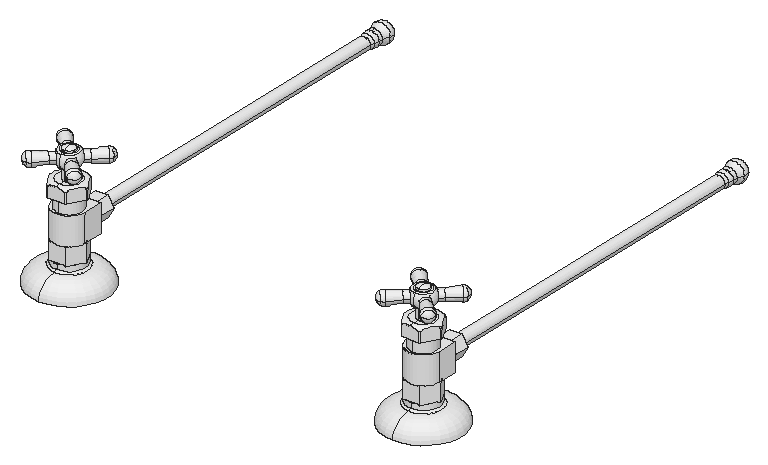
Revit family "Supply_Kit-Faucet-Waterworks-Universal-Angle-Compression", category Plumbing Fixtures, host Face, Revit 2014
Parameters (values of type "NOT A TYPE - Load Type Catalog")
  ‌Installation Requirements or Notes = "Available option that complies with 0.25% Weighted Average Lead Content (WALC)"  # constant formula
  Water Pressure = "Max: 85psi / Min: 20psi / Recommended: 45psi"  # constant formula
  Waste Connection = 1 = 0  # no
  Warranty = "http://www.waterworks.com/warranty"
  Version = "2014 - v1.0a"  # constant formula
  Vent Connection = 1 = 0  # no
  Support Phone = "(224) 699-9545"  # constant formula
  Support Email = "mailto:support@anguleris.com"
  Pressure = 45.00 psi
  Outlet Connection Diameter = 0' - 0 3/8"  # constant formula
  Model SKU = if(Constraint = 1, "26-09876-57740", if(Constraint = 2, "26-73946-90196", if(Constraint = 3, "26-74676-98700", if(Constraint = 4, "26-70415-45280", if(Constraint = 5, "26-14734-57701", if(Constraint = 6, "26-48004-36693", if(Constraint = 7, "26-58991-27656", if(Constraint = 8, "26-06550-99717", if(Constraint = 9, "26-24536-85990", if(Constraint = 10, "26-64518-46027", if(Constraint = 11, "26-14061-97142", if(Constraint = 12, "26-98562-70605", if(Constraint = 13, "26-03683-66015", if(Constraint = 14, "26-23826-86137", if(Constraint = 15, "26-77848-04901", if(Constraint = 16, "26-88317-94954", if(Constraint = 17, "26-15093-03789", if(Constraint = 18, "26-36391-14533", if(Constraint = 19, "26-05199-47611", if(Constraint = 20, "26-17696-20394", "Not Available"))))))))))))))))))))  # "26-09876-57740"
  Manufacturer Email = "mailto:acallanan@waterworks.com"
  Length = 0' - 11"  # constant formula
  Keynote = "22 40 00"
  Hot Water Outlet Connection = "Outlet - Compression"  # constant formula
  Inlet Connection Diameter = 0' - 0 1/2"  # constant formula
  Hot Water Inlet Connection = "Inlet - Compression"  # constant formula
  Hot Limit Safety Stop = 1 = 0  # no
  Height Note [instance] = "3 1/2” - 1' 1 1/2”"  # constant formula
  Height [instance] = C Height  # 1' - 1 1/2"
  HW Connection = 1 = 1  # yes
  WFU = 0
  URL = "http://www.waterworks.com/"
  Product Page URL = "http://www.waterworks.com/universal-angle-faucet-supply-kits-1-2-compression-x-3-8-od-compression-unms32"
  Product Name = "Universal Angle Faucet Supply Kits 1/2” Compression x 3/8” O.D. Compression"  # constant formula
  Product Documentation Link = "http://assets.waterworks.com/wasset/80/original/34880.pdf"
  Model = "UNMS32"  # constant formula
  Material = ""
  Manufacturer Phone Number = "(203)546-6201"  # constant formula
  Manufacturer Address = "60 Backus Avenue, Danbury, CT 06810"  # constant formula
  Manufacturer = "Waterworks"  # constant formula
  HWFU = 0
  Finish = Metal - Waterworks - Chrome
  Desired Height [instance] = 1' - 1 1/2"
  Description = if(Constraint = 1, "Universal Angle Faucet Supply Kits 1/2” Compression x 3/8” O.D. Compression in Antique Brass Complies with 0.25% WALC", if(Constraint = 2, "Universal Angle Faucet Supply Kits 1/2” Compression x 3/8” O.D. Compression in Antique Copper Complies with 0.25% WALC", if(Constraint = 3, "Universal Angle Faucet Supply Kits 1/2” Compression x 3/8” O.D. Compression in Architectural Bronze", if(Constraint = 4, "Universal Angle Faucet Supply Kits 1/2” Compression x 3/8” O.D. Compression in Architectural Bronze Complies with 0.25% WALC", if(Constraint = 5, "Universal Angle Faucet Supply Kits 1/2” Compression x 3/8” O.D. Compression in Architectural Bronze Complies with 0.25% WALC", if(Constraint = 6, "Universal Angle Faucet Supply Kits 1/2” Compression x 3/8” O.D. Compression in Burnished Brass Complies with 0.25% WALC", if(Constraint = 7, "Universal Angle Faucet Supply Kits 1/2” Compression x 3/8” O.D. Compression in Burnished Nickel Complies with 0.25% WALC", if(Constraint = 8, "Universal Angle Faucet Supply Kits 1/2” Compression x 3/8” O.D. Compression in Carbon Complies with 0.25% WALC", if(Constraint = 9, "Universal Angle Faucet Supply Kits 1/2” Compression x 3/8” O.D. Compression in Chrome Complies with 0.25% WALC", if(Constraint = 10, "Universal Angle Faucet Supply Kits 1/2” Compression x 3/8” O.D. Compression in Gold Complies with 0.25% WALC", if(Constraint = 11, "Universal Angle Faucet Supply Kits 1/2” Compression x 3/8” O.D. Compression in Graphite", if(Constraint = 12, "Universal Angle Faucet Supply Kits 1/2” Compression x 3/8” O.D. Compression in Matte Gold Complies with 0.25% WALC", if(Constraint = 13, "Universal Angle Faucet Supply Kits 1/2” Compression x 3/8” O.D. Compression in Matte Nickel Complies with 0.25% WALC", if(Constraint = 14, "Universal Angle Faucet Supply Kits 1/2” Compression x 3/8” O.D. Compression in Nickel Complies with 0.25% WALC", if(Constraint = 15, "Universal Angle Faucet Supply Kits 1/2” Compression x 3/8” O.D. Compression in Pewter Complies with 0.25% WALC", if(Constraint = 16, "Universal Angle Faucet Supply Kits 1/2” Compression x 3/8” O.D. Compression in Shiny Copper Complies with 0.25% WALC", if(Constraint = 17, "Universal Angle Faucet Supply Kits 1/2” Compression x 3/8” O.D. Compression in Sovereign Complies with 0.25% WALC", if(Constraint = 18, "Universal Angle Faucet Supply Kits 1/2” Compression x 3/8” O.D. Compression in Unfinished Complies with 0.25% WALC", if(Constraint = 19, "Universal Angle Faucet Supply Kits 1/2” Compression x 3/8” O.D. Compression in Unlacquered Brass", if(Constraint = 20, "Universal Angle Faucet Supply Kits 1/2” Compression x 3/8” O.D. Compression in Unlacquered Brass Complies with 0.25% WALC", "Not Available"))))))))))))))))))))  # "Universal Angle Faucet Supply Kits 1/2” Compression x 3/8” O.D. Compression in Antique Brass Complies with 0.25% WALC"
  Depth = 0' - 3 13/16"  # constant formula
  Default Elevation = 2' - 10"
  Copyright = "@2017 Waterworks Operating Company LLC. All rights reserved"  # constant formula
  Constraint = 1
  Cold Water Outlet Connection = "Outlet- Compression"  # constant formula
  Cold Water Inlet Connection = "Inlet - Compression"  # constant formula
  Code Compliance = "Code # FDMS32: Certified with IAPMO, NSF, City of LA & IAPMO-CA."  # constant formula
  Certification cUPC = 1 = 1  # yes
  Certification State of MA = 1 = 1  # yes
  Certification NSF = 1 = 1  # yes
  Certification IAPMO = 1 = 1  # yes
  CWFU = 0
  CW Connection = 1 = 1  # yes
  C Height [instance] = if(Desired Height < 0' 3 1/2", 0' 3 1/2", if(Desired Height > 1' 1 1/2", 1' 1 1/2", Desired Height))  # 1' - 1 1/2"
  Assembly Code = "D2010"
  ADA Compliant = 1 = 1  # yes
Reference planes (in)
  plane 1 "Center (Front/Back)": y = 0
  plane 2 "Back": z = 0
  plane 3 "Center (Left/Right)": x = 0
  plane 4 "Left": x = -5.5
  plane 5 "Right": x = 5.5
  plane 6 "Top": y = 12.3125
  plane 7: z = 1.625
  plane 8: z = 3.50686
  plane 9 "Front": z = 3.8125
  plane 10 "Bottom": y = -1.1875
Forms (in)
  Revolve 1, solid, material "Metal - Waterworks - Chrome" <- "Finish"
    sketch origin (-5.5, 24, 48) x (0, 1, 0) y (0, 0, 1)
      loop
        line (-24, -48) -> (-22.8125, -48)
        spline (-22.8125, -48) -> (-22.81785, -47.93066) -> (-22.8338, -47.8625) -> (-22.86008, -47.7967) -> (-22.89623, -47.73438) -> (-22.94165, -47.6766) -> (-22.99556, -47.62435) -> (-23.05702, -47.57853) -> (-23.125, -47.53992) -> (-23.19832, -47.50919) -> (-23.27574, -47.48685) -> (-23.35592, -47.47329) -> (-23.4375, -47.46875)
        arc (-23.4375, -47.46875) -> (-23.48169, -47.45044) -> (-23.5, -47.40625) r 0.0625
        line (-23.5, -47.40625) -> (-23.5, -47.25) -> (-23.8125, -47.25) -> (-23.8125, -46.71875) -> (-23.59375, -46.71875) -> (-23.59375, -45.5) -> (-23.8125, -45.5) -> (-23.8125, -44.71189) -> (-23.74236, -44.71189)
        arc (-23.74236, -44.71189) -> (-23.71535, -44.70575) -> (-23.69365, -44.68855) r 0.0625
        arc (-23.69365, -44.68855) -> (-23.62485, -44.49314) -> (-23.69365, -44.29773) r 0.3119
        arc (-23.69365, -44.29773) -> (-23.71535, -44.28053) -> (-23.74236, -44.27439) r 0.0625
        line (-23.74236, -44.27439) -> (-23.8125, -44.27439) -> (-23.8125, -44.24314)
        arc (-23.8125, -44.24314) -> (-23.90221, -44.2017) -> (-24, -44.1875) r 0.34375
        line (-24, -44.1875) -> (-24, -48)
      axis (-24, -44.1875) -> (-24, -48)
    angle from 0 to 360
  Revolve 2, solid, material "Metal - Waterworks - Chrome" <- "Finish"
    sketch origin (5.5, 20.05298, 48) x (0, 1, 0) y (0, 0, 1)
      loop
        line (-20.05298, -48) -> (-18.86548, -48)
        spline (-18.86548, -48) -> (-18.87083, -47.93066) -> (-18.88678, -47.8625) -> (-18.91306, -47.7967) -> (-18.94922, -47.73438) -> (-18.99464, -47.6766) -> (-19.04854, -47.62435) -> (-19.11001, -47.57853) -> (-19.17798, -47.53992) -> (-19.2513, -47.50919) -> (-19.32872, -47.48685) -> (-19.4089, -47.47329) -> (-19.49048, -47.46875)
        arc (-19.49048, -47.46875) -> (-19.53468, -47.45044) -> (-19.55298, -47.40625) r 0.0625
        line (-19.55298, -47.40625) -> (-19.55298, -47.25) -> (-19.86548, -47.25) -> (-19.86548, -46.71875) -> (-19.64673, -46.71875) -> (-19.64673, -45.5) -> (-19.86548, -45.5) -> (-19.86548, -44.71189) -> (-19.79534, -44.71189)
        arc (-19.79534, -44.71189) -> (-19.76834, -44.70575) -> (-19.74663, -44.68855) r 0.0625
        arc (-19.74663, -44.68855) -> (-19.67783, -44.49314) -> (-19.74663, -44.29773) r 0.3119
        arc (-19.74663, -44.29773) -> (-19.76834, -44.28053) -> (-19.79534, -44.27439) r 0.0625
        line (-19.79534, -44.27439) -> (-19.86548, -44.27439) -> (-19.86548, -44.24314)
        arc (-19.86548, -44.24314) -> (-19.95519, -44.2017) -> (-20.05298, -44.1875) r 0.34375
        line (-20.05298, -44.1875) -> (-20.05298, -48)
      axis (-20.05298, -44.1875) -> (-20.05298, -48)
    angle from 0 to 360
  Extrusion 3, solid, material "Metal - Waterworks - Chrome" <- "Finish"
    sketch origin (0, 0, 0) x (1, 0, 0) y (0, 1, 0)
      loop
        line (-5.77063, 0.46875) -> (-6.04127, 0) -> (-5.77063, -0.46875) -> (-5.22937, -0.46875) -> (-4.95873, 0) -> (-5.22937, 0.46875) -> (-5.77063, 0.46875)
    from 0.75 to 1.28125
  Extrusion 4, solid, material "Metal - Waterworks - Chrome" <- "Finish"
    sketch origin (0, 0, 0) x (1, 0, 0) y (0, 1, 0)
      loop
        arc (-6, 0) -> (-5.5, -0.5) -> (-5, 0) r 0.5
        line (-5, 0) -> (-5, 0.59375) -> (-6, 0.59375) -> (-6, 0)
    from 1.28125 to 2.125
  Revolve 5, solid, material "Metal - Waterworks - Chrome" <- "Finish"
    sketch origin (-5.5, 24, 48) x (0, 1, 0) y (0, 0, 1)
      loop
        line (-24, -45.5) -> (-23.4375, -45.5) -> (-23.4375, -45.1875)
        spline (-23.4375, -45.1875) -> (-23.4391, -45.17526) -> (-23.44389, -45.16324) -> (-23.45177, -45.15162) -> (-23.46262, -45.14063) -> (-23.47625, -45.13043) -> (-23.49242, -45.12121) -> (-23.51086, -45.11312) -> (-23.53125, -45.10631) -> (-23.55325, -45.10089) -> (-23.57647, -45.09694) -> (-23.60053, -45.09455) -> (-23.625, -45.09375)
        line (-23.625, -45.09375) -> (-24, -45.09375) -> (-24, -45.5)
      axis (-24, -45.09375) -> (-24, -45.5)
    angle from 0 to 360
  Extrusion 6, void
    sketch origin (0, 0, 0) x (1, 0, 0) y (0, 1, 0)
      loop
        line (-5.78868, 0.5) -> (-6.07735, 0) -> (-5.78868, -0.5) -> (-5.21132, -0.5) -> (-4.92265, 0) -> (-5.21132, 0.5) -> (-5.78868, 0.5)
      loop
        line (-6.57735, -1) -> (-4.42265, -1) -> (-4.42265, 1) -> (-6.57735, 1) -> (-6.57735, -1)
    from 2.5 to 2.90625
  Extrusion 7, solid, material "Metal - Waterworks - Chrome" <- "Finish"
    sketch origin (8.5, 0, 0) x (1, 0, 0) y (0, 1, 0)
      loop
        line (-3.27063, 0.46875) -> (-3.54127, 0) -> (-3.27063, -0.46875) -> (-2.72937, -0.46875) -> (-2.45873, 0) -> (-2.72937, 0.46875) -> (-3.27063, 0.46875)
    from 0.75 to 1.28125
  Extrusion 8, solid, material "Metal - Waterworks - Chrome" <- "Finish"
    sketch origin (8.5, 0, 0) x (1, 0, 0) y (0, 1, 0)
      loop
        arc (-3.5, 0) -> (-3, -0.5) -> (-2.5, 0) r 0.5
        line (-2.5, 0) -> (-2.5, 0.59375) -> (-3.5, 0.59375) -> (-3.5, 0)
    from 1.28125 to 2.125
  Revolve 9, solid, material "Metal - Waterworks - Chrome" <- "Finish"
    sketch origin (5.5, 24, 48) x (0, 1, 0) y (0, 0, 1)
      loop
        line (-24, -45.5) -> (-23.4375, -45.5) -> (-23.4375, -45.1875)
        spline (-23.4375, -45.1875) -> (-23.4391, -45.17526) -> (-23.44389, -45.16324) -> (-23.45177, -45.15162) -> (-23.46262, -45.14063) -> (-23.47625, -45.13043) -> (-23.49242, -45.12121) -> (-23.51086, -45.11312) -> (-23.53125, -45.10631) -> (-23.55325, -45.10089) -> (-23.57647, -45.09694) -> (-23.60053, -45.09455) -> (-23.625, -45.09375)
        line (-23.625, -45.09375) -> (-24, -45.09375) -> (-24, -45.5)
      axis (-24, -45.09375) -> (-24, -45.5)
    angle from 0 to 360
  Extrusion 10, void
    sketch origin (8.5, 0, 0) x (1, 0, 0) y (0, 1, 0)
      loop
        line (-3.28868, 0.5) -> (-3.57735, 0) -> (-3.28868, -0.5) -> (-2.71132, -0.5) -> (-2.42265, 0) -> (-2.71132, 0.5) -> (-3.28868, 0.5)
      loop
        line (-4.07735, -1) -> (-1.92265, -1) -> (-1.92265, 1) -> (-4.07735, 1) -> (-4.07735, -1)
    from 2.5 to 2.90625
  Revolve 11, solid, material "Metal - Waterworks - Chrome" <- "Finish"
    sketch origin (0, 1.06769, 3.50686) x (-1, 0, 0) y (0, -1, 0)
      loop
        line (4.68241, 1.88528) -> (6.31759, 0.25009)
        arc (6.31759, 0.25009) -> (6.3704, 0.33982) -> (6.37302, 0.4439) r 0.20763
        arc (6.37302, 0.4439) -> (6.34952, 0.49729) -> (6.30821, 0.53846) r 0.15748
        arc (6.30821, 0.53846) -> (6.13327, 0.66986) -> (5.9714, 0.81705) r 2.33682
        line (5.9714, 0.81705) -> (5.24937, 1.53908)
        arc (5.24937, 1.53908) -> (5.10218, 1.70096) -> (4.97078, 1.87589) r 2.33682
        arc (4.97078, 1.87589) -> (4.9296, 1.91721) -> (4.87621, 1.9407) r 0.15748
        arc (4.87621, 1.9407) -> (4.77213, 1.93809) -> (4.68241, 1.88528) r 0.20763
      axis (4.68241, 1.88528) -> (6.31759, 0.25009)
    angle from 0 to 360
  Revolve 12, solid, material "Metal - Waterworks - Chrome" <- "Finish"
    sketch origin (0, 1.06769, 3.50686) x (-1, 0, 0) y (0, -1, 0)
      loop
        arc (6.32125, 1.88893) -> (6.23152, 1.94174) -> (6.12744, 1.94436) r 0.20763
        arc (6.12744, 1.94436) -> (6.07405, 1.92086) -> (6.03288, 1.87955) r 0.15748
        arc (6.03288, 1.87955) -> (5.90148, 1.70461) -> (5.75429, 1.54274) r 2.33682
        line (5.75429, 1.54274) -> (5.02495, 0.8134)
        arc (5.02495, 0.8134) -> (4.86307, 0.66621) -> (4.68814, 0.53481) r 2.33682
        arc (4.68814, 0.53481) -> (4.64682, 0.49363) -> (4.62333, 0.44024) r 0.15748
        arc (4.62333, 0.44024) -> (4.62594, 0.33616) -> (4.67875, 0.24644) r 0.20763
        line (4.67875, 0.24644) -> (6.32125, 1.88893)
      axis (4.67875, 0.24644) -> (6.32125, 1.88893)
    angle from 0 to 360
  Revolve 13, solid, material "Metal - Waterworks - Chrome" <- "Finish"
    sketch origin (8.5, 1.06769, 3.50686) x (-1, 0, 0) y (0, -1, 0)
      loop
        line (2.18241, 1.88528) -> (3.81759, 0.25009)
        arc (3.81759, 0.25009) -> (3.8704, 0.33982) -> (3.87302, 0.4439) r 0.20763
        arc (3.87302, 0.4439) -> (3.84952, 0.49729) -> (3.80821, 0.53846) r 0.15748
        arc (3.80821, 0.53846) -> (3.63327, 0.66986) -> (3.4714, 0.81705) r 2.33682
        line (3.4714, 0.81705) -> (2.74937, 1.53908)
        arc (2.74937, 1.53908) -> (2.60218, 1.70096) -> (2.47078, 1.87589) r 2.33682
        arc (2.47078, 1.87589) -> (2.4296, 1.91721) -> (2.37621, 1.9407) r 0.15748
        arc (2.37621, 1.9407) -> (2.27213, 1.93809) -> (2.18241, 1.88528) r 0.20763
      axis (2.18241, 1.88528) -> (3.81759, 0.25009)
    angle from 0 to 360
  Revolve 14, solid, material "Metal - Waterworks - Chrome" <- "Finish"
    sketch origin (8.5, 1.06769, 3.50686) x (-1, 0, 0) y (0, -1, 0)
      loop
        arc (3.82125, 1.88893) -> (3.73152, 1.94174) -> (3.62744, 1.94436) r 0.20763
        arc (3.62744, 1.94436) -> (3.57405, 1.92086) -> (3.53288, 1.87955) r 0.15748
        arc (3.53288, 1.87955) -> (3.40148, 1.70461) -> (3.25429, 1.54274) r 2.33682
        line (3.25429, 1.54274) -> (2.52495, 0.8134)
        arc (2.52495, 0.8134) -> (2.36307, 0.66621) -> (2.18814, 0.53481) r 2.33682
        arc (2.18814, 0.53481) -> (2.14682, 0.49363) -> (2.12333, 0.44024) r 0.15748
        arc (2.12333, 0.44024) -> (2.12594, 0.33616) -> (2.17875, 0.24644) r 0.20763
        line (2.17875, 0.24644) -> (3.82125, 1.88893)
      axis (2.17875, 0.24644) -> (3.82125, 1.88893)
    angle from 0 to 360
  Revolve 15, solid, material "Metal - Waterworks - Chrome" <- "Finish"
    sketch origin (0, 24, 1.625) x (0, 1, 0) y (-1, 0, 0)
      loop
        line (-24, 5.5) -> (-11.6875, 5.5) -> (-11.6875, 5.73917)
        arc (-11.6875, 5.73917) -> (-11.79149, 5.79834) -> (-11.91113, 5.79715) r 0.22955
        arc (-11.91113, 5.79715) -> (-12.01525, 5.74812) -> (-12.1291, 5.7313) r 0.3937
        line (-12.1291, 5.7313) -> (-12.26939, 5.7313)
        arc (-12.26939, 5.7313) -> (-12.34809, 5.7251) -> (-12.42485, 5.70667) r 0.50302
        arc (-12.42485, 5.70667) -> (-12.48492, 5.69225) -> (-12.54652, 5.6874) r 0.3937
        line (-12.54652, 5.6874) -> (-23.20773, 5.6874) -> (-23.20773, 5.77559) -> (-24, 5.77559) -> (-24, 5.5)
      axis (-11.6875, 5.5) -> (-24, 5.5)
    angle from 0 to 360
  Extrusion 16, solid, material "Metal - Waterworks - Chrome" <- "Finish"
    sketch origin (0, 0, 0) x (1, 0, 0) y (0, 0, 1)
      loop
        line (-5.31958, 1.9375) -> (-5.68042, 1.9375) -> (-5.86084, 1.625) -> (-5.68042, 1.3125) -> (-5.31958, 1.3125) -> (-5.13916, 1.625) -> (-5.31958, 1.9375)
    from -1.26668 to -0.79227
  Revolve 17, solid, material "Metal - Waterworks - Chrome" <- "Finish"
    sketch origin (0, 24, 1.625) x (0, 1, 0) y (-1, 0, 0)
      loop
        line (-24, -5.5) -> (-24, -5.77559) -> (-23.20773, -5.77559) -> (-23.20773, -5.6874) -> (-12.54652, -5.6874)
        arc (-12.54652, -5.6874) -> (-12.48492, -5.69225) -> (-12.42485, -5.70667) r 0.3937
        arc (-12.42485, -5.70667) -> (-12.34809, -5.7251) -> (-12.26939, -5.7313) r 0.50302
        line (-12.26939, -5.7313) -> (-12.1291, -5.7313)
        arc (-12.1291, -5.7313) -> (-12.01525, -5.74812) -> (-11.91113, -5.79715) r 0.3937
        arc (-11.91113, -5.79715) -> (-11.79149, -5.79834) -> (-11.6875, -5.73917) r 0.22955
        line (-11.6875, -5.73917) -> (-11.6875, -5.5) -> (-24, -5.5)
      axis (-11.6875, -5.5) -> (-24, -5.5)
    angle from 0 to 360
  Extrusion 18, solid, material "Metal - Waterworks - Chrome" <- "Finish"
    sketch origin (8.5, 0, 0) x (1, 0, 0) y (0, 0, 1)
      loop
        line (-2.81958, 1.9375) -> (-3.18042, 1.9375) -> (-3.36084, 1.625) -> (-3.18042, 1.3125) -> (-2.81958, 1.3125) -> (-2.63916, 1.625) -> (-2.81958, 1.9375)
    from -1.26668 to -0.79227
Cuts and joins
  Extrusion 6, Extrusion 10 cuts Revolve 5
  joined: Revolve 1, Extrusion 3, Extrusion 4, Revolve 5, Revolve 15, Extrusion 16
  Extrusion 10 cuts Revolve 9
  joined: Revolve 2, Extrusion 7, Extrusion 8, Revolve 9, Revolve 17, Extrusion 18
Lines and regions (in)
  Masking region 1, detail levels coarse
    outline origin (0, 0, 0) x (1, 0, 0) y (0, 0, 1)
      loop
        line (6, 0.75) -> (6.0625, 0.75) -> (6.0625, 2.90625) -> (5.6875, 2.90625) -> (5.6875, 3.31936) -> (6.12458, 3.31936)
        arc (6.12458, 3.31936) -> (6.39413, 3.50686) -> (6.12458, 3.69436) r 0.19999
        line (6.12458, 3.69436) -> (5.6875, 3.69436) -> (5.6875, 3.75686)
        arc (5.6875, 3.75686) -> (5.5, 3.8125) -> (5.3125, 3.75686) r 0.34375
        line (5.3125, 3.75686) -> (5.3125, 3.69436) -> (4.87542, 3.69436)
        arc (4.87542, 3.69436) -> (4.60587, 3.50686) -> (4.87542, 3.31936) r 0.19999
        line (4.87542, 3.31936) -> (5.3125, 3.31936) -> (5.3125, 2.90625) -> (4.9375, 2.90625) -> (4.9375, 0.75) -> (5, 0.75) -> (5, 0.59375)
        arc (5, 0.59375) -> (4.98169, 0.54956) -> (4.9375, 0.53125) r 0.0625
        spline (4.9375, 0.53125) -> (4.85592, 0.52671) -> (4.77574, 0.51315) -> (4.69832, 0.49081) -> (4.625, 0.46008) -> (4.55702, 0.42147) -> (4.49556, 0.37565) -> (4.44165, 0.3234) -> (4.39623, 0.26562) -> (4.36008, 0.2033) -> (4.3338, 0.1375) -> (4.31785, 0.06934) -> (4.3125, 0)
        line (4.3125, 0) -> (6.6875, 0)
        spline (6.6875, 0) -> (6.68215, 0.06934) -> (6.6662, 0.1375) -> (6.63992, 0.2033) -> (6.60377, 0.26562) -> (6.55835, 0.3234) -> (6.50444, 0.37565) -> (6.44298, 0.42147) -> (6.375, 0.46008) -> (6.30168, 0.49081) -> (6.22426, 0.51315) -> (6.14408, 0.52671) -> (6.0625, 0.53125)
        arc (6.0625, 0.53125) -> (6.01831, 0.54956) -> (6, 0.59375) r 0.0625
        line (6, 0.59375) -> (6, 0.75)
  Masking region 2, detail levels medium+fine
    outline origin (0, 0, 0) x (1, 0, 0) y (0, 0, 1)
      loop
        line (6.0625, 2.5) -> (6.0625, 2.8125)
        spline (6.0625, 2.8125) -> (6.0609, 2.82474) -> (6.05611, 2.83676) -> (6.04823, 2.84838) -> (6.03738, 2.85937) -> (6.02375, 2.86957) -> (6.00758, 2.87879) -> (5.98914, 2.88688) -> (5.96875, 2.89369) -> (5.94675, 2.89911) -> (5.92353, 2.90306) -> (5.89947, 2.90545) -> (5.875, 2.90625)
        line (5.875, 2.90625) -> (5.6875, 2.90625) -> (5.6875, 3.28811) -> (5.76017, 3.28811)
        arc (5.76017, 3.28811) -> (5.80655, 3.30768) -> (5.83284, 3.35061) r 0.08224
        arc (5.83284, 3.35061) -> (5.97955, 3.34278) -> (6.12458, 3.31936) r 1.3774
        arc (6.12458, 3.31936) -> (6.39413, 3.50686) -> (6.12458, 3.69436) r 0.19999
        arc (6.12458, 3.69436) -> (5.97955, 3.67095) -> (5.83284, 3.66311) r 1.3774
        arc (5.83284, 3.66311) -> (5.80655, 3.70604) -> (5.76017, 3.72561) r 0.08224
        line (5.76017, 3.72561) -> (5.6875, 3.72561) -> (5.6875, 3.75686)
        arc (5.6875, 3.75686) -> (5.5, 3.8125) -> (5.3125, 3.75686) r 0.34375
        line (5.3125, 3.75686) -> (5.3125, 3.72561) -> (5.23983, 3.72561)
        arc (5.23983, 3.72561) -> (5.19345, 3.70604) -> (5.16716, 3.66311) r 0.08224
        arc (5.16716, 3.66311) -> (5.02045, 3.67095) -> (4.87542, 3.69436) r 1.3774
        arc (4.87542, 3.69436) -> (4.60587, 3.50686) -> (4.87542, 3.31936) r 0.19999
        arc (4.87542, 3.31936) -> (5.02045, 3.34278) -> (5.16716, 3.35061) r 1.3774
        arc (5.16716, 3.35061) -> (5.19345, 3.30768) -> (5.23983, 3.28811) r 0.08224
        line (5.23983, 3.28811) -> (5.3125, 3.28811) -> (5.3125, 2.90625) -> (5.125, 2.90625)
        spline (5.125, 2.90625) -> (5.10053, 2.90545) -> (5.07647, 2.90306) -> (5.05325, 2.89911) -> (5.03125, 2.89369) -> (5.01086, 2.88688) -> (4.99242, 2.87879) -> (4.97625, 2.86957) -> (4.96262, 2.85937) -> (4.95177, 2.84838) -> (4.94389, 2.83676) -> (4.9391, 2.82474) -> (4.9375, 2.8125)
        line (4.9375, 2.8125) -> (4.9375, 2.5) -> (5.09375, 2.5) -> (5.09375, 2.125) -> (5, 2.125) -> (5, 1.28125) -> (4.95873, 1.28125) -> (4.95873, 0.75) -> (5, 0.75) -> (5, 0.59375)
        arc (5, 0.59375) -> (4.98169, 0.54956) -> (4.9375, 0.53125) r 0.0625
        spline (4.9375, 0.53125) -> (4.85592, 0.52671) -> (4.77574, 0.51315) -> (4.69832, 0.49081) -> (4.625, 0.46008) -> (4.55702, 0.42147) -> (4.49556, 0.37565) -> (4.44165, 0.3234) -> (4.39623, 0.26562) -> (4.36008, 0.2033) -> (4.3338, 0.1375) -> (4.31785, 0.06934) -> (4.3125, 0)
        line (4.3125, 0) -> (6.6875, 0)
        spline (6.6875, 0) -> (6.68215, 0.06934) -> (6.6662, 0.1375) -> (6.63992, 0.2033) -> (6.60377, 0.26562) -> (6.55835, 0.3234) -> (6.50444, 0.37565) -> (6.44298, 0.42147) -> (6.375, 0.46008) -> (6.30168, 0.49081) -> (6.22426, 0.51315) -> (6.14408, 0.52671) -> (6.0625, 0.53125)
        arc (6.0625, 0.53125) -> (6.01831, 0.54956) -> (6, 0.59375) r 0.0625
        line (6, 0.59375) -> (6, 0.75) -> (6.04127, 0.75) -> (6.04127, 1.28125) -> (6, 1.28125) -> (6, 2.125) -> (5.90625, 2.125) -> (5.90625, 2.5) -> (6.0625, 2.5)
  Masking region 3, detail levels medium+fine
    outline origin (0, 0, 0) x (1, 0, 0) y (0, 0, 1)
      loop
        line (-4.9375, 2.5) -> (-4.9375, 2.8125)
        spline (-4.9375, 2.8125) -> (-4.9391, 2.82474) -> (-4.94389, 2.83676) -> (-4.95177, 2.84838) -> (-4.96262, 2.85937) -> (-4.97625, 2.86957) -> (-4.99242, 2.87879) -> (-5.01086, 2.88688) -> (-5.03125, 2.89369) -> (-5.05325, 2.89911) -> (-5.07647, 2.90306) -> (-5.10053, 2.90545) -> (-5.125, 2.90625)
        line (-5.125, 2.90625) -> (-5.3125, 2.90625) -> (-5.3125, 3.28811) -> (-5.23983, 3.28811)
        arc (-5.23983, 3.28811) -> (-5.19345, 3.30768) -> (-5.16716, 3.35061) r 0.08224
        arc (-5.16716, 3.35061) -> (-5.02045, 3.34278) -> (-4.87542, 3.31936) r 1.3774
        arc (-4.87542, 3.31936) -> (-4.60587, 3.50686) -> (-4.87542, 3.69436) r 0.19999
        arc (-4.87542, 3.69436) -> (-5.02045, 3.67095) -> (-5.16716, 3.66311) r 1.3774
        arc (-5.16716, 3.66311) -> (-5.19345, 3.70604) -> (-5.23983, 3.72561) r 0.08224
        line (-5.23983, 3.72561) -> (-5.3125, 3.72561) -> (-5.3125, 3.75686)
        arc (-5.3125, 3.75686) -> (-5.5, 3.8125) -> (-5.6875, 3.75686) r 0.34375
        line (-5.6875, 3.75686) -> (-5.6875, 3.72561) -> (-5.76017, 3.72561)
        arc (-5.76017, 3.72561) -> (-5.80655, 3.70604) -> (-5.83284, 3.66311) r 0.08224
        arc (-5.83284, 3.66311) -> (-5.97955, 3.67095) -> (-6.12458, 3.69436) r 1.3774
        arc (-6.12458, 3.69436) -> (-6.39413, 3.50686) -> (-6.12458, 3.31936) r 0.19999
        arc (-6.12458, 3.31936) -> (-5.97955, 3.34278) -> (-5.83284, 3.35061) r 1.3774
        arc (-5.83284, 3.35061) -> (-5.80655, 3.30768) -> (-5.76017, 3.28811) r 0.08224
        line (-5.76017, 3.28811) -> (-5.6875, 3.28811) -> (-5.6875, 2.90625) -> (-5.875, 2.90625)
        spline (-5.875, 2.90625) -> (-5.89947, 2.90545) -> (-5.92353, 2.90306) -> (-5.94675, 2.89911) -> (-5.96875, 2.89369) -> (-5.98914, 2.88688) -> (-6.00758, 2.87879) -> (-6.02375, 2.86957) -> (-6.03738, 2.85937) -> (-6.04823, 2.84838) -> (-6.05611, 2.83676) -> (-6.0609, 2.82474) -> (-6.0625, 2.8125)
        line (-6.0625, 2.8125) -> (-6.0625, 2.5) -> (-5.90625, 2.5) -> (-5.90625, 2.125) -> (-6, 2.125) -> (-6, 1.28125) -> (-6.04127, 1.28125) -> (-6.04127, 0.75) -> (-6, 0.75) -> (-6, 0.59375)
        arc (-6, 0.59375) -> (-6.01831, 0.54956) -> (-6.0625, 0.53125) r 0.0625
        spline (-6.0625, 0.53125) -> (-6.14408, 0.52671) -> (-6.22426, 0.51315) -> (-6.30168, 0.49081) -> (-6.375, 0.46008) -> (-6.44298, 0.42147) -> (-6.50444, 0.37565) -> (-6.55835, 0.3234) -> (-6.60377, 0.26562) -> (-6.63992, 0.2033) -> (-6.6662, 0.1375) -> (-6.68215, 0.06934) -> (-6.6875, 0)
        line (-6.6875, 0) -> (-4.3125, 0)
        spline (-4.3125, 0) -> (-4.31785, 0.06934) -> (-4.3338, 0.1375) -> (-4.36008, 0.2033) -> (-4.39623, 0.26562) -> (-4.44165, 0.3234) -> (-4.49556, 0.37565) -> (-4.55702, 0.42147) -> (-4.625, 0.46008) -> (-4.69832, 0.49081) -> (-4.77574, 0.51315) -> (-4.85592, 0.52671) -> (-4.9375, 0.53125)
        arc (-4.9375, 0.53125) -> (-4.98169, 0.54956) -> (-5, 0.59375) r 0.0625
        line (-5, 0.59375) -> (-5, 0.75) -> (-4.95873, 0.75) -> (-4.95873, 1.28125) -> (-5, 1.28125) -> (-5, 2.125) -> (-5.09375, 2.125) -> (-5.09375, 2.5) -> (-4.9375, 2.5)
  Masking region 4, detail levels coarse
    outline origin (0, 0, 0) x (1, 0, 0) y (0, 0, 1)
      loop
        line (-5, 0.75) -> (-4.9375, 0.75) -> (-4.9375, 2.90625) -> (-5.3125, 2.90625) -> (-5.3125, 3.31936) -> (-4.87542, 3.31936)
        arc (-4.87542, 3.31936) -> (-4.60587, 3.50686) -> (-4.87542, 3.69436) r 0.19999
        line (-4.87542, 3.69436) -> (-5.3125, 3.69436) -> (-5.3125, 3.75686)
        arc (-5.3125, 3.75686) -> (-5.5, 3.8125) -> (-5.6875, 3.75686) r 0.34375
        line (-5.6875, 3.75686) -> (-5.6875, 3.69436) -> (-6.12458, 3.69436)
        arc (-6.12458, 3.69436) -> (-6.39413, 3.50686) -> (-6.12458, 3.31936) r 0.19999
        line (-6.12458, 3.31936) -> (-5.6875, 3.31936) -> (-5.6875, 2.90625) -> (-6.0625, 2.90625) -> (-6.0625, 0.75) -> (-6, 0.75) -> (-6, 0.59375)
        arc (-6, 0.59375) -> (-6.01831, 0.54956) -> (-6.0625, 0.53125) r 0.0625
        spline (-6.0625, 0.53125) -> (-6.14408, 0.52671) -> (-6.22426, 0.51315) -> (-6.30168, 0.49081) -> (-6.375, 0.46008) -> (-6.44298, 0.42147) -> (-6.50444, 0.37565) -> (-6.55835, 0.3234) -> (-6.60377, 0.26562) -> (-6.63992, 0.2033) -> (-6.6662, 0.1375) -> (-6.68215, 0.06934) -> (-6.6875, 0)
        line (-6.6875, 0) -> (-4.3125, 0)
        spline (-4.3125, 0) -> (-4.31785, 0.06934) -> (-4.3338, 0.1375) -> (-4.36008, 0.2033) -> (-4.39623, 0.26562) -> (-4.44165, 0.3234) -> (-4.49556, 0.37565) -> (-4.55702, 0.42147) -> (-4.625, 0.46008) -> (-4.69832, 0.49081) -> (-4.77574, 0.51315) -> (-4.85592, 0.52671) -> (-4.9375, 0.53125)
        arc (-4.9375, 0.53125) -> (-4.98169, 0.54956) -> (-5, 0.59375) r 0.0625
        line (-5, 0.59375) -> (-5, 0.75)
  symbolic lines, detail levels fine
    curve 1: line (5.68042, 0, 1.9375) -> (5.86084, 0, 1.625)
    curve 2: line (5.86084, 0, 1.625) -> (5.68042, 0, 1.3125)
    curve 3: line (5.68042, 0, 1.3125) -> (5.31958, 0, 1.3125)
    curve 4: line (5.31958, 0, 1.3125) -> (5.13916, 0, 1.625)
    curve 5: line (5.13916, 0, 1.625) -> (5.31958, 0, 1.9375)
    curve 6: line (5.31958, 0, 1.9375) -> (5.68042, 0, 1.9375)
    curve 7: circle (5.5, 0, 1.625) r 0.23917 normal (0, -1, 0)
    curve 8: line (5, 0, 0.75) -> (6, 0, 0.75)
    curve 9: line (6, 0, 1.28125) -> (5, 0, 1.28125)
    curve 10: line (6.0625, 0, 0.53125) -> (4.9375, 0, 0.53125)
    curve 11: line (5.77063, 0, 1.28125) -> (5.77063, 0, 0.75)
    curve 12: line (5.22937, 0, 0.75) -> (5.22937, 0, 1.28125)
    curve 13: line (5.90625, 0, 2.125) -> (5.09375, 0, 2.125)
    curve 14: line (5.90625, 0, 2.5) -> (5.09375, 0, 2.5)
    curve 15: line (5.80417, 0, 2.8125) -> (5.80417, 0, 2.5)
    curve 16: line (5.75769, 0, 2.5) -> (5.75769, 0, 2.8125)
    curve 17: line (5.24231, 0, 2.8125) -> (5.24231, 0, 2.5)
    curve 18: line (5.19583, 0, 2.5) -> (5.19583, 0, 2.8125)
    curve 19: spline (5.80417, 0, 2.8125) -> (5.80857, 0, 2.83059) -> (5.82147, 0, 2.84744) -> (5.842, 0, 2.86191) -> (5.86875, 0, 2.87302) -> (5.8999, 0, 2.88) -> (5.93333, 0, 2.88238) -> (5.96676, 0, 2.88) -> (5.99792, 0, 2.87302) -> (6.02467, 0, 2.86191) -> (6.04519, 0, 2.84744) -> (6.0581, 0, 2.83059) -> (6.0625, 0, 2.8125)
    curve 20: spline (5.75769, 0, 2.8125) -> (5.74891, 0, 2.83059) -> (5.72317, 0, 2.84744) -> (5.68222, 0, 2.86191) -> (5.62885, 0, 2.87302) -> (5.5667, 0, 2.88) -> (5.5, 0, 2.88238) -> (5.4333, 0, 2.88) -> (5.37115, 0, 2.87302) -> (5.31778, 0, 2.86191) -> (5.27683, 0, 2.84744) -> (5.25109, 0, 2.83059) -> (5.24231, 0, 2.8125)
    curve 21: spline (5.19583, 0, 2.8125) -> (5.19144, 0, 2.83059) -> (5.17857, 0, 2.84744) -> (5.1581, 0, 2.86191) -> (5.13141, 0, 2.87302) -> (5.10034, 0, 2.88) -> (5.06699, 0, 2.88238) -> (5.03364, 0, 2.88) -> (5.00256, 0, 2.87302) -> (4.97588, 0, 2.86191) -> (4.9554, 0, 2.84744) -> (4.94253, 0, 2.83059) -> (4.93814, 0, 2.8125)
    curve 22: line (5.6875, 0, 2.90625) -> (5.3125, 0, 2.90625)
    curve 23: line (5.6875, 0, 3.28811) -> (5.3125, 0, 3.28811)
    curve 24: line (5.83284, 0, 3.35061) -> (5.77034, 0, 3.35061)
    curve 25: line (5.83284, 0, 3.66311) -> (5.77034, 0, 3.66311)
    curve 26: line (5.16716, 0, 3.66311) -> (5.22966, 0, 3.66311)
    curve 27: line (5.16716, 0, 3.35061) -> (5.22966, 0, 3.35061)
    curve 28: line (5.6875, 0, 3.72561) -> (5.3125, 0, 3.72561)
    curve 29: line (5.6875, 0, 3.75686) -> (5.3125, 0, 3.75686)
    curve 30: line (-5.13916, 0, 1.625) -> (-5.31958, 0, 1.3125)
    curve 31: line (-5.31958, 0, 1.3125) -> (-5.68042, 0, 1.3125)
    curve 32: line (-5.68042, 0, 1.3125) -> (-5.86084, 0, 1.625)
    curve 33: line (-5.86084, 0, 1.625) -> (-5.68042, 0, 1.9375)
    curve 34: line (-5.68042, 0, 1.9375) -> (-5.31958, 0, 1.9375)
    curve 35: line (-5.31958, 0, 1.9375) -> (-5.13916, 0, 1.625)
    curve 36: circle (-5.5, 0, 1.625) r 0.23917 normal (0, 1, 0)
    curve 37: line (-5, 0, 1.28125) -> (-6, 0, 1.28125)
    curve 38: line (-5, 0, 0.75) -> (-6, 0, 0.75)
    curve 39: line (-5.22937, 0, 0.75) -> (-5.22937, 0, 1.28125)
    curve 40: line (-5.77063, 0, 0.75) -> (-5.77063, 0, 1.28125)
    curve 41: line (-4.9375, 0, 0.53125) -> (-6.0625, 0, 0.53125)
    curve 42: line (-5.09375, 0, 2.125) -> (-5.90625, 0, 2.125)
    curve 43: line (-5.09375, 0, 2.5) -> (-5.90625, 0, 2.5)
    curve 44: line (-5.19583, 0, 2.8125) -> (-5.19583, 0, 2.5)
    curve 45: line (-5.24231, 0, 2.5) -> (-5.24231, 0, 2.8125)
    curve 46: line (-5.75769, 0, 2.8125) -> (-5.75769, 0, 2.5)
    curve 47: line (-5.80417, 0, 2.5) -> (-5.80417, 0, 2.8125)
    curve 48: spline (-4.9375, 0, 2.8125) -> (-4.9419, 0, 2.82956) -> (-4.95481, 0, 2.84546) -> (-4.97533, 0, 2.85911) -> (-5.00208, 0, 2.86958) -> (-5.03324, 0, 2.87617) -> (-5.06667, 0, 2.87841) -> (-5.1001, 0, 2.87617) -> (-5.13125, 0, 2.86958) -> (-5.158, 0, 2.85911) -> (-5.17853, 0, 2.84546) -> (-5.19143, 0, 2.82956) -> (-5.19583, 0, 2.8125)
    curve 49: spline (-5.24231, 0, 2.8125) -> (-5.25109, 0, 2.82956) -> (-5.27683, 0, 2.84546) -> (-5.31778, 0, 2.85911) -> (-5.37115, 0, 2.86958) -> (-5.4333, 0, 2.87617) -> (-5.5, 0, 2.87841) -> (-5.5667, 0, 2.87617) -> (-5.62885, 0, 2.86958) -> (-5.68222, 0, 2.85911) -> (-5.72317, 0, 2.84546) -> (-5.74891, 0, 2.82956) -> (-5.75769, 0, 2.8125)
    curve 50: spline (-5.80417, 0, 2.8125) -> (-5.80856, 0, 2.82956) -> (-5.82143, 0, 2.84546) -> (-5.8419, 0, 2.85911) -> (-5.86859, 0, 2.86958) -> (-5.89966, 0, 2.87617) -> (-5.93301, 0, 2.87841) -> (-5.96636, 0, 2.87617) -> (-5.99744, 0, 2.86958) -> (-6.02412, 0, 2.85911) -> (-6.0446, 0, 2.84546) -> (-6.05747, 0, 2.82956) -> (-6.06186, 0, 2.8125)
    curve 51: line (-5.3125, 0, 2.90625) -> (-5.6875, 0, 2.90625)
    curve 52: line (-5.3125, 0, 3.28811) -> (-5.6875, 0, 3.28811)
    curve 53: line (-5.3125, 0, 3.72561) -> (-5.6875, 0, 3.72561)
    curve 54: line (-5.3125, 0, 3.75686) -> (-5.6875, 0, 3.75686)
    curve 55: line (-5.16716, 0, 3.66311) -> (-5.22966, 0, 3.66311)
    curve 56: line (-5.16716, 0, 3.35061) -> (-5.22966, 0, 3.35061)
    curve 57: line (-5.83284, 0, 3.66311) -> (-5.77034, 0, 3.66311)
    curve 58: line (-5.83284, 0, 3.35061) -> (-5.77034, 0, 3.35061)
Dimensions and locks (in)
  equal spacing: Extrusion 3 sketch curve, plane 4 "Left", Extrusion 3 sketch curve, locked at 0.46875 each
  Extrusion 3 sketch curve to plane 4 "Left" to Extrusion 3 sketch curve = 0' - 0 15/32" locked, 0' - 0 15/32" locked  (x2)
  equal spacing: Extrusion 4 sketch curve, plane 4 "Left", Extrusion 4 sketch curve, locked at 0.5 each
  locked: plane 1 "Center (Front/Back)" to Extrusion 4 sketch curve at 0.59375
  locked: Extrusion 4 to plane 2 "Back" at 2.125
  Revolve 5 sketch curve to Revolve 5 sketch curve to plane 2 "Back" = 0' - 0 3/32" locked, 0' - 2 13/16" locked
  Revolve 5 sketch curve to Revolve 5 sketch curve to plane 1 "Center (Front/Back)" = 0' - 0 3/16" locked, 0' - 0 3/8" locked
  equal spacing: Extrusion 6 sketch curve, plane 4 "Left", Extrusion 6 sketch curve, locked at 0.5 each  (x2)
  equal spacing: Extrusion 6 sketch curve, plane 1 "Center (Front/Back)", Extrusion 6 sketch curve, locked at 0.5 each
  equal spacing: Extrusion 6 sketch curve, plane 4 "Left", Extrusion 6 sketch curve, locked at 1.07735 each
  equal spacing: Extrusion 6 sketch curve, plane 1 "Center (Front/Back)", Extrusion 6 sketch curve, locked at 1 each
  locked: Extrusion 6 to plane 2 "Back" at 2.90625
  Revolve 1 sketch curve to Revolve 1 sketch curve to Revolve 1 sketch curve to Revolve 1 sketch curve to Revolve 1 sketch curve to Revolve 1 sketch curve to Revolve 1 sketch curve to Revolve 1 sketch curve to Revolve 1 sketch curve to Revolve 1 sketch curve to Revolve 1 sketch curve to plane 1 "Center (Front/Back)" = 0' - 0" locked, 0' - 0 1/16" locked, 0' - 0 3/32" locked, 0' - 0.0311" locked, 0' - 0.11751" locked, 0' - 0" locked, 0' - 0.07014" locked, 0' - 0" locked, 0' - 0" locked, 0' - 0.12425" locked, 0' - 0.06325" locked
  Revolve 1 sketch curve to Revolve 1 sketch curve to Revolve 1 sketch curve to Revolve 1 sketch curve to Revolve 1 sketch curve to Revolve 1 sketch curve to Revolve 1 sketch curve to Revolve 1 sketch curve to Revolve 1 sketch curve to Revolve 1 sketch curve to Revolve 1 sketch curve to plane 2 "Back" = 0' - 0.08689" locked, 0' - 0 1/16" locked, 0' - 0 5/32" locked, 0' - 0.03811" locked, 0' - 0.11814" locked, 0' - 0 1/16" locked, 0' - 0.78811" locked, 0' - 1 7/32" locked, 0' - 0 17/32" locked, 0' - 0 5/32" locked, 0' - 0 19/32" locked
  Revolve 2 sketch curve to Revolve 2 sketch curve to Revolve 2 sketch curve to Revolve 2 sketch curve to Revolve 2 sketch curve to Revolve 2 sketch curve to Revolve 2 sketch curve to Revolve 2 sketch curve to Revolve 2 sketch curve to Revolve 2 sketch curve to Revolve 2 sketch curve to plane 1 "Center (Front/Back)" = 0' - 0" locked, 0' - 0 1/16" locked, 0' - 0 3/32" locked, 0' - 0.0311" locked, 0' - 0.11751" locked, 0' - 0" locked, 0' - 0.07014" locked, 0' - 0" locked, 0' - 0" locked, 0' - 0.12425" locked, 0' - 0.06325" locked
  Revolve 2 sketch curve to Revolve 2 sketch curve to Revolve 2 sketch curve to Revolve 2 sketch curve to Revolve 2 sketch curve to Revolve 2 sketch curve to Revolve 2 sketch curve to Revolve 2 sketch curve to Revolve 2 sketch curve to Revolve 2 sketch curve to Revolve 2 sketch curve to plane 2 "Back" = 0' - 0.08689" locked, 0' - 0 1/16" locked, 0' - 0 5/32" locked, 0' - 0.03811" locked, 0' - 0.11814" locked, 0' - 0 1/16" locked, 0' - 0.78811" locked, 0' - 1 7/32" locked, 0' - 0 17/32" locked, 0' - 0 5/32" locked, 0' - 0 19/32" locked
  equal spacing: Extrusion 7 sketch curve, plane 5 "Right", Extrusion 7 sketch curve, locked at 0.46875 each  (x2)
  equal spacing: Extrusion 7 sketch curve, plane 1 "Center (Front/Back)", Extrusion 7 sketch curve, locked at 0.46875 each
  equal spacing: Extrusion 8 sketch curve, plane 5 "Right", Extrusion 8 sketch curve, locked at 0.5 each
  Extrusion 8 sketch curve to plane 1 "Center (Front/Back)" to Extrusion 8 sketch curve = 0' - 0 1/2" locked, 0' - 0 19/32" locked
  Revolve 9 sketch curve to Revolve 9 sketch curve to Revolve 9 sketch curve to plane 2 "Back" = 0' - 0 3/32" locked, 0' - 0 5/16" locked, 0' - 2 1/2" locked
  Revolve 9 sketch curve to Revolve 9 sketch curve to plane 1 "Center (Front/Back)" = 0' - 0 3/16" locked, 0' - 0 3/8" locked
  equal spacing: Extrusion 10 sketch curve, plane 1 "Center (Front/Back)", Extrusion 10 sketch curve, locked at 0.5 each
  equal spacing: Extrusion 10 sketch curve, plane 1 "Center (Front/Back)", Extrusion 10 sketch curve, locked at 1 each
  equal spacing: Extrusion 10 sketch curve, plane 5 "Right", Extrusion 10 sketch curve, locked at 1.07735 each
  equal spacing: Extrusion 10 sketch curve, plane 5 "Right", Extrusion 10 sketch curve, locked at 0.5 each  (x2)
  equal spacing: plane 4 "Left", plane 3 "Center (Left/Right)", plane 5 "Right"
  "Length": plane 4 "Left" to plane 5 "Right"
  plane 8 to plane 7 to plane 2 "Back" = 0' - 1.88186" locked, 0' - 1 5/8" locked
  "Depth": plane 9 "Front" to plane 2 "Back"
  locked: plane 10 "Bottom" to plane 1 "Center (Front/Back)" at 1.1875
  "C Height": plane 10 "Bottom" to plane 6 "Top"
  Revolve 11 sketch curve to Revolve 11 sketch curve to Revolve 11 sketch curve to Revolve 11 sketch curve to Revolve 11 sketch curve to plane 4 "Left" to Revolve 11 sketch curve to Revolve 11 sketch curve = 0' - 0.71984" locked, 0' - 0.52443" locked, 0' - 0.15878" locked, 0' - 0.04885" locked, 0' - 0.67078" locked, 0' - 0.65943" locked, 0' - 0.01135" locked
  Revolve 11 sketch curve to Revolve 11 sketch curve to Revolve 11 sketch curve to Revolve 11 sketch curve to Revolve 11 sketch curve to plane 1 "Center (Front/Back)" to Revolve 11 sketch curve to Revolve 11 sketch curve = 0' - 0.71984" locked, 0' - 0.52443" locked, 0' - 0.15878" locked, 0' - 0.04885" locked, 0' - 0.67078" locked, 0' - 0.65943" locked, 0' - 0.01135" locked
  locked: plane 4 "Left" to Revolve 11 sketch curve at 0
  locked: plane 4 "Left" to Revolve 12 sketch curve at 0
  Revolve 12 sketch curve to Revolve 12 sketch curve to plane 4 "Left" to Revolve 12 sketch curve to Revolve 12 sketch curve to Revolve 12 sketch curve to Revolve 12 sketch curve to Revolve 12 sketch curve = 0' - 0.01135" locked, 0' - 0.66308" locked, 0' - 0.67443" locked, 0' - 0.04885" locked, 0' - 0.15878" locked, 0' - 0.51713" locked, 0' - 0.72715" locked
  Revolve 12 sketch curve to Revolve 12 sketch curve to Revolve 12 sketch curve to Revolve 12 sketch curve to Revolve 12 sketch curve to plane 1 "Center (Front/Back)" to Revolve 12 sketch curve to Revolve 12 sketch curve = 0' - 0.72715" locked, 0' - 0.51713" locked, 0' - 0.15878" locked, 0' - 0.04885" locked, 0' - 0.67443" locked, 0' - 0.66308" locked, 0' - 0.01135" locked
  Revolve 14 sketch curve to Revolve 14 sketch curve to Revolve 14 sketch curve to plane 5 "Right" to Revolve 14 sketch curve to Revolve 14 sketch curve to Revolve 14 sketch curve to Revolve 14 sketch curve to Revolve 14 sketch curve to Revolve 14 sketch curve = 0' - 0.01135" locked, 0' - 0.1302" locked, 0' - 0.53288" locked, 0' - 0.67443" locked, 0' - 0.04885" locked, 0' - 0.08858" locked, 0' - 0.0702" locked, 0' - 0.51713" locked, 0' - 0.72715" locked
  Revolve 14 sketch curve to Revolve 14 sketch curve to plane 10 "Bottom" to Revolve 14 sketch curve to Revolve 14 sketch curve to Revolve 14 sketch curve to Revolve 14 sketch curve to Revolve 14 sketch curve = 0' - 0.72715" locked, 0' - 0.21169" locked, 0' - 0.30544" locked, 0' - 0.15878" locked, 0' - 0.04885" locked, 0' - 1.33751" locked, 0' - 0.01135" locked
  locked: plane 5 "Right" to Revolve 13 sketch curve at 0
  Revolve 13 sketch curve to Revolve 13 sketch curve to Revolve 13 sketch curve to Revolve 13 sketch curve to Revolve 13 sketch curve to plane 5 "Right" to Revolve 13 sketch curve to Revolve 13 sketch curve = 0' - 0.71984" locked, 0' - 0.52443" locked, 0' - 0.15878" locked, 0' - 0.04885" locked, 0' - 0.67078" locked, 0' - 0.65943" locked, 0' - 0.01135" locked
  Revolve 13 sketch curve to Revolve 13 sketch curve to Revolve 13 sketch curve to Revolve 13 sketch curve to Revolve 13 sketch curve to plane 1 "Center (Front/Back)" to Revolve 13 sketch curve to Revolve 13 sketch curve = 0' - 0.71984" locked, 0' - 0.52443" locked, 0' - 0.15878" locked, 0' - 0.04885" locked, 0' - 0.67078" locked, 0' - 0.65943" locked, 0' - 0.01135" locked
  Revolve 15 sketch curve to Revolve 15 sketch curve to Revolve 15 sketch curve to Revolve 15 sketch curve to plane 6 "Top" = 0' - 0.27713" locked, 0' - 0.14029" locked, 0' - 0.28001" locked, 0' - 0.16159" locked
  Revolve 15 sketch curve to Revolve 15 sketch curve to Revolve 15 sketch curve to Revolve 15 sketch curve to Revolve 15 sketch curve to Revolve 15 sketch curve to Revolve 15 sketch curve to plane 4 "Left" to Revolve 15 sketch curve = 0' - 0.0439" locked, 0' - 0.27541" locked, 0' - 0.0301" locked, 0' - 0.04429" locked, 0' - 0.0439" locked, 0' - 0.11126" locked, 0' - 0.07614" locked, 0' - 0.27172" locked
  locked: plane 1 "Center (Front/Back)" to Revolve 15 sketch curve at 0.79227
  equal spacing: Extrusion 16 sketch curve, plane 7, Extrusion 16 sketch curve, locked at 0.3125 each  (x3)
  locked: plane 1 "Center (Front/Back)" to Extrusion 16 at 1.26668
  locked: plane 1 "Center (Front/Back)" to Revolve 17 sketch curve at 0.79227
  Revolve 17 sketch curve to Revolve 17 sketch curve to Revolve 17 sketch curve to Revolve 17 sketch curve to plane 6 "Top" = 0' - 0.27713" locked, 0' - 0.14029" locked, 0' - 0.28001" locked, 0' - 0.16159" locked
  Revolve 17 sketch curve to plane 5 "Right" to Revolve 17 sketch curve to Revolve 17 sketch curve to Revolve 17 sketch curve to Revolve 17 sketch curve to Revolve 17 sketch curve to Revolve 17 sketch curve to Revolve 17 sketch curve = 0' - 0.27172" locked, 0' - 0.07614" locked, 0' - 0.11126" locked, 0' - 0.0439" locked, 0' - 0.04429" locked, 0' - 0.0301" locked, 0' - 0.27541" locked, 0' - 0.0439" locked
  equal spacing: Extrusion 18 sketch curve, plane 7, Extrusion 18 sketch curve, locked at 0.3125 each  (x3)
  Masking region 2 sketch curve to Masking region 2 sketch curve to Masking region 2 sketch curve to Masking region 2 sketch curve to Masking region 2 sketch curve to Masking region 2 sketch curve to Masking region 2 sketch curve to Masking region 2 sketch curve to Masking region 2 sketch curve to Masking region 2 sketch curve to Masking region 2 sketch curve to Masking region 2 sketch curve to Masking region 2 sketch curve to Masking region 2 sketch curve to Masking region 2 sketch curve to Masking region 2 sketch curve to plane 5 "Right" to Masking region 2 sketch curve to Masking region 2 sketch curve to Masking region 2 sketch curve to Masking region 2 sketch curve to Masking region 2 sketch curve to Masking region 2 sketch curve to Masking region 2 sketch curve to Masking region 2 sketch curve to Masking region 2 sketch curve to Masking region 2 sketch curve to Masking region 2 sketch curve to Masking region 2 sketch curve to Masking region 2 sketch curve to Masking region 2 sketch curve to Masking region 2 sketch curve to Masking region 2 sketch curve = 0' - 0.19999" locked, 0' - 0.13164" locked, 0' - 0" locked, 0' - 0" locked, 0' - 0.02123" locked, 0' - 0.04127" locked, 0' - 0" locked, 0' - 0 3/32" locked, 0' - 0 1/32" locked, 0' - 0.04216" locked, 0' - 0" locked, 0' - 0.07992" locked, 0' - 0" locked, 0' - 0.06543" locked, 0' - 0" locked, 0' - 0 3/16" locked, 0' - 0 3/16" locked, 0' - 0" locked, 0' - 0.06543" locked, 0' - 0" locked, 0' - 0.07992" locked, 0' - 0" locked, 0' - 0.04216" locked, 0' - 0 1/32" locked, 0' - 0 3/32" locked, 0' - 0" locked, 0' - 0" locked, 0' - 0.04127" locked, 0' - 0.02123" locked, 0' - 0" locked, 0' - 0.13164" locked, 0' - 0.19999" locked
  plane 2 "Back" to Masking region 2 sketch curve to Masking region 2 sketch curve to Masking region 2 sketch curve to Masking region 2 sketch curve to Masking region 2 sketch curve to Masking region 2 sketch curve to Masking region 2 sketch curve to Masking region 2 sketch curve to Masking region 2 sketch curve to Masking region 2 sketch curve to Masking region 2 sketch curve to Masking region 2 sketch curve to Masking region 2 sketch curve to Masking region 2 sketch curve to Masking region 2 sketch curve to Masking region 2 sketch curve to Masking region 2 sketch curve to Masking region 2 sketch curve to Masking region 2 sketch curve to Masking region 2 sketch curve to Masking region 2 sketch curve to Masking region 2 sketch curve to Masking region 2 sketch curve to Masking region 2 sketch curve to Masking region 2 sketch curve to Masking region 2 sketch curve to Masking region 2 sketch curve to Masking region 2 sketch curve = 0' - 0 19/32" locked, 0' - 0" locked, 0' - 0 5/32" locked, 0' - 0" locked, 0' - 0 17/32" locked, 0' - 0" locked, 0' - 0.69196" locked, 0' - 0" locked, 0' - 0.15179" locked, 0' - 0" locked, 0' - 0 3/8" locked, 0' - 0" locked, 0' - 0 5/16" locked, 0' - 0" locked, 0' - 0 3/32" locked, 0' - 0" locked, 0' - 0.38186" locked, 0' - 0" locked, 0' - 0.08192" locked, 0' - 0" locked, 0' - 0.09872" locked, 0' - 0.17494" locked, 0' - 0" locked, 0' - 0.08192" locked, 0' - 0" locked, 0' - 0.08689" locked, 0' - 1.22801" locked, 0' - 0" locked
  Masking region 3 sketch curve to Masking region 3 sketch curve to Masking region 3 sketch curve to Masking region 3 sketch curve to Masking region 3 sketch curve to Masking region 3 sketch curve to Masking region 3 sketch curve to Masking region 3 sketch curve to Masking region 3 sketch curve to Masking region 3 sketch curve to Masking region 3 sketch curve to Masking region 3 sketch curve to Masking region 3 sketch curve to Masking region 3 sketch curve to Masking region 3 sketch curve to plane 4 "Left" to Masking region 3 sketch curve to Masking region 3 sketch curve to Masking region 3 sketch curve to Masking region 3 sketch curve to Masking region 3 sketch curve to Masking region 3 sketch curve to Masking region 3 sketch curve to Masking region 3 sketch curve to Masking region 3 sketch curve to Masking region 3 sketch curve to Masking region 3 sketch curve to Masking region 3 sketch curve to Masking region 3 sketch curve to Masking region 3 sketch curve to Masking region 3 sketch curve = 0' - 0.19999" locked, 0' - 0.13164" locked, 0' - 0" locked, 0' - 0" locked, 0' - 0.02123" locked, 0' - 0.04127" locked, 0' - 0" locked, 0' - 0 3/32" locked, 0' - 0 1/32" locked, 0' - 0.04216" locked, 0' - 0" locked, 0' - 0.07992" locked, 0' - 0.06543" locked, 0' - 0" locked, 0' - 0 3/16" locked, 0' - 0 3/16" locked, 0' - 0" locked, 0' - 0.06543" locked, 0' - 0.07992" locked, 0' - 0" locked, 0' - 0.04216" locked, 0' - 0 1/32" locked, 0' - 0 3/32" locked, 0' - 0" locked, 0' - 0.04127" locked, 0' - 0.02123" locked, 0' - 0" locked, 0' - 0" locked, 0' - 0.13164" locked, 0' - 0.19999" locked
  plane 2 "Back" to Masking region 3 sketch curve to Masking region 3 sketch curve to Masking region 3 sketch curve to Masking region 3 sketch curve to Masking region 3 sketch curve to Masking region 3 sketch curve to Masking region 3 sketch curve to Masking region 3 sketch curve to Masking region 3 sketch curve to Masking region 3 sketch curve to Masking region 3 sketch curve to Masking region 3 sketch curve to Masking region 3 sketch curve to Masking region 3 sketch curve to Masking region 3 sketch curve to Masking region 3 sketch curve to Masking region 3 sketch curve to Masking region 3 sketch curve to Masking region 3 sketch curve to Masking region 3 sketch curve to Masking region 3 sketch curve to Masking region 3 sketch curve to Masking region 3 sketch curve to Masking region 3 sketch curve to Masking region 3 sketch curve to Masking region 3 sketch curve to Masking region 3 sketch curve to Masking region 3 sketch curve = 0' - 0 19/32" locked, 0' - 0" locked, 0' - 0 5/32" locked, 0' - 0" locked, 0' - 0 17/32" locked, 0' - 0" locked, 0' - 0.69196" locked, 0' - 0" locked, 0' - 0.15179" locked, 0' - 0" locked, 0' - 0 3/8" locked, 0' - 0" locked, 0' - 0 5/16" locked, 0' - 0" locked, 0' - 0 3/32" locked, 0' - 0" locked, 0' - 0.38186" locked, 0' - 0" locked, 0' - 0.08192" locked, 0' - 0" locked, 0' - 0.09872" locked, 0' - 0.17494" locked, 0' - 0" locked, 0' - 0.08192" locked, 0' - 0" locked, 0' - 0.08689" locked, 0' - 1.22801" locked, 0' - 0" locked
  Masking region 3 sketch curve to plane 4 "Left" to Masking region 3 sketch curve = 0' - 1 3/16" locked, 0' - 1 3/16" locked
  Masking region 2 sketch curve to plane 5 "Right" to Masking region 2 sketch curve = 0' - 1 3/16" locked, 0' - 1 3/16" locked
  plane 2 "Back" to Masking region 1 sketch curve to Masking region 1 sketch curve to Masking region 1 sketch curve to Masking region 1 sketch curve to Masking region 1 sketch curve to Masking region 1 sketch curve to Masking region 1 sketch curve to Masking region 1 sketch curve to Masking region 1 sketch curve to Masking region 1 sketch curve to Masking region 1 sketch curve to Masking region 1 sketch curve to Masking region 1 sketch curve to Masking region 1 sketch curve = 0' - 0" locked, 0' - 0" locked, 0' - 0 19/32" locked, 0' - 0" locked, 0' - 0 5/32" locked, 0' - 0" locked, 0' - 2 5/32" locked, 0' - 0" locked, 0' - 0.41311" locked, 0' - 0" locked, 0' - 0.14939" locked, 0' - 0.22561" locked, 0' - 0" locked, 0' - 0.11814" locked
  Masking region 1 sketch curve to Masking region 1 sketch curve to Masking region 1 sketch curve to Masking region 1 sketch curve to Masking region 1 sketch curve to Masking region 1 sketch curve to Masking region 1 sketch curve to plane 5 "Right" to Masking region 1 sketch curve to Masking region 1 sketch curve to Masking region 1 sketch curve to Masking region 1 sketch curve to Masking region 1 sketch curve to Masking region 1 sketch curve to Masking region 1 sketch curve = 0' - 0.13164" locked, 0' - 0" locked, 0' - 0" locked, 0' - 0 1/16" locked, 0' - 0 5/16" locked, 0' - 0" locked, 0' - 0 3/16" locked, 0' - 0 3/16" locked, 0' - 0" locked, 0' - 0 5/16" locked, 0' - 0 1/16" locked, 0' - 0" locked, 0' - 0" locked, 0' - 0.13164" locked
  plane 2 "Back" to Masking region 4 sketch curve to Masking region 4 sketch curve to Masking region 4 sketch curve to Masking region 4 sketch curve to Masking region 4 sketch curve to Masking region 4 sketch curve to Masking region 4 sketch curve to Masking region 4 sketch curve to Masking region 4 sketch curve to Masking region 4 sketch curve to Masking region 4 sketch curve to Masking region 4 sketch curve = 0' - 0 19/32" locked, 0' - 0" locked, 0' - 0 5/32" locked, 0' - 0" locked, 0' - 2 5/32" locked, 0' - 0" locked, 0' - 0.41311" locked, 0' - 0" locked, 0' - 0.14939" locked, 0' - 0.22561" locked, 0' - 0" locked, 0' - 0.11814" locked
  Masking region 4 sketch curve to Masking region 4 sketch curve to Masking region 4 sketch curve to Masking region 4 sketch curve to Masking region 4 sketch curve to Masking region 4 sketch curve to Masking region 4 sketch curve to Masking region 4 sketch curve to plane 4 "Left" to Masking region 4 sketch curve to Masking region 4 sketch curve to Masking region 4 sketch curve to Masking region 4 sketch curve to Masking region 4 sketch curve to Masking region 4 sketch curve to Masking region 4 sketch curve to Masking region 4 sketch curve = 0' - 0.19999" locked, 0' - 0.13164" locked, 0' - 0" locked, 0' - 0" locked, 0' - 0 1/16" locked, 0' - 0 5/16" locked, 0' - 0" locked, 0' - 0 3/16" locked, 0' - 0 3/16" locked, 0' - 0" locked, 0' - 0 5/16" locked, 0' - 0 1/16" locked, 0' - 0" locked, 0' - 0" locked, 0' - 0.13164" locked, 0' - 0.19999" locked
  aligned and locked: host face to plane 2 "Back"
  aligned and locked: level to host face
  aligned and locked: Extrusion 3 to Revolve 1  (x2)
  aligned and locked: Extrusion 4 to Revolve 1
  aligned and locked: Extrusion 6 to Revolve 5
  aligned and locked: Extrusion 10 to Revolve 9
  aligned and locked: Revolve 2 to Extrusion 8
  aligned and locked: Extrusion 7 to Revolve 2  (x2)
  aligned and locked: Extrusion 8 to Extrusion 4
  aligned and locked: Extrusion 10 to Extrusion 6
  aligned and locked: Revolve 11 sketch curve to Revolve 11 sketch curve
  aligned and locked: Revolve 12 sketch curve to Revolve 12 sketch curve  (x2)
  aligned and locked: Revolve 13 sketch curve to Revolve 13 sketch curve
  aligned and locked: Revolve 14 sketch curve to Revolve 14 sketch curve  (x2)
  aligned and locked: Revolve 15 sketch curve to plane 4 "Left"
  aligned and locked: plane 4 "Left" to Revolve 15 sketch curve
  aligned and locked: plane 1 "Center (Front/Back)" to Revolve 15 sketch curve
  aligned and locked: plane 6 "Top" to Revolve 15 sketch curve
  aligned and locked: Extrusion 16 to Revolve 15
  aligned and locked: Revolve 17 sketch curve to plane 5 "Right"
  aligned and locked: Revolve 17 sketch curve to plane 6 "Top"
  aligned and locked: plane 5 "Right" to Revolve 17 sketch curve
  aligned and locked: Revolve 17 sketch curve to plane 1 "Center (Front/Back)"
  aligned and locked: Extrusion 18 to Revolve 17
  aligned and locked: Extrusion 18 to Extrusion 16
  aligned and locked: plane 5 "Right" to Masking region 1 sketch curve
  aligned and locked: plane 8 to Masking region 1 sketch curve  (x2)
  aligned and locked: plane 2 "Back" to Masking region 2 sketch curve  (x3)
  aligned and locked: plane 8 to Masking region 2 sketch curve  (x2)
  aligned and locked: plane 5 "Right" to Masking region 2 sketch curve
  aligned and locked: plane 8 to Masking region 3 sketch curve  (x2)
  aligned and locked: plane 4 "Left" to Masking region 3 sketch curve
  aligned and locked: plane 2 "Back" to Masking region 3 sketch curve  (x3)
  aligned and locked: Masking region 2 to Masking region 2  (x2)
  aligned and locked: plane 8 to Masking region 4 sketch curve  (x2)
  aligned and locked: plane 4 "Left" to Masking region 4 sketch curve
  aligned and locked: plane 2 "Back" to Masking region 4 sketch curve  (x3)
Automatic sketch dimensions
  host sketch curve to host sketch curve = 6' - 0"  (x2)
  Revolve 1 sketch curve to level = 0' - 0"
  Revolve 1 sketch curve to plane 1 "Center (Front/Back)" = 0' - 0"  (x2)
  Revolve 1 sketch curve to Revolve 1 sketch curve = 0' - 0 5/8"
  Revolve 1 sketch curve to Revolve 1 sketch curve = 2' - 0"
